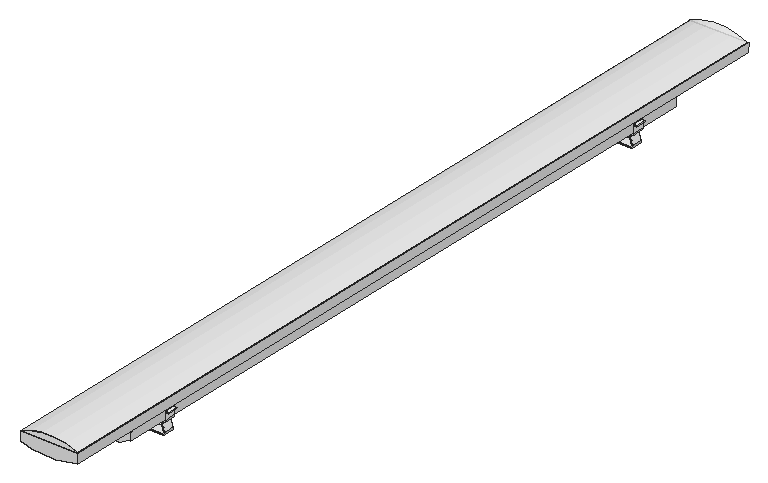
Revit family "Lighting-Industrial-GEWISS-SMART[3]-WATERTIGHT-LED_OPAL_1600mm", category Apparecchi per illuminazione, host Superficie, Revit 2019
Family settings
  Host = Superficie
  Quota connettore circolare = Usa diametro
  Tipo di parte = Normale
  Numero OmniClass = 23.80.70.11
  Titolo OmniClass = Luminaries for Internal Lighting
  Taglio con vuoti quando caricato = No
  Sorgente d'illuminazione = No
  Condiviso = No
  Punto di calcolo locali = Sì
Parameters (values of type "GWS3258PLD57K - SMART3 LED 1600 2X58 OPAL DALI 57K QW")
  Working temperature = "-25 +50 °C"
  Weight (kg): = "2,5"
  Warranty = "5 years"
  Voltage = "220/240 V - 50/60 Hz - Dali"
  Version file RFA = "20.11"
  URL = "https://www.gewiss.com/ww/en"
  Typology = "DALI"
  Type of light source = "LED - Not replaceable"
  Technical sheet = "https://www.gewiss.com/ww/en/search?q=GWS3258PLD57K"
  System power = "50W"
  Struttura = GEWISS - SMART 3 - GRIGIO
  Stampa 1_200 = no
  Stampa 1_100 = not(Stampa 1_200)  # yes
  Spostamento_Y_etichetta [instance] = 0 mm
  Spostamento_Y_effettivo_etichetta [instance] = 1500 mm - Spostamento_Y_etichetta  # 1500 mm
  Spostamento_X_etichetta [instance] = 0 mm
  Spostamento_X_effettivo_etichetta [instance] = 1500 mm - Spostamento_X_etichetta  # 1500 mm
  Shock resistance = "IK08"
  Shield type = "Opal with feed-through wiring"
  Schermo. = Gewiss - Led Acceso
  SEO = "Luminaire"
  Realized by GEWISS S.p.A. = ""
  Default Elevation = 1219.2 mm
  Produttore = "GEWISS S.p.A."
  Operating temperature: = "-30 +50 °C"
  Nominal flux (lm) = "6900"
  No. LED (#) = "84"
  Modello = "GWS3258PLD57K"
  Lunghezza Lampada = 1600 mm  # constant formula
  Lumen output (lm) = "6000"
  Length = "1600 mm"
  Lampada = "LED"
  Lamp = "LED"
  LED LifeTime (L80B20) = "85000H"
  LED Life time (L80B50) = "100000H"
  LED Life time (L70) = "80000H"
  LED Life Time (L90B50) = "50000H"
  Insulation class = "II"
  Immagine tipo = GWS3158P.jpg
  IP degree = "IP66/IP69"
  IFC.TypeObject = ""
  IFC.ExportType = ""
  IFC.ExportAs = ""
  IDT = "e711e676-0d2c-4269-98d7-1f22e4a173c5"
  IDF = "23f8a58f-ab76-4331-ac73-01a839cfd15e"
  Glow Wire Test = "850°C"
  Ganci = GEWISS  - ALLUMINIO
  Failure rate apparecchio (50.000h, Tq=25Â° C) = "<2,5%"
  Failure rate apparecchio (35.000h, Tq=35Â° C) = "<2,5%"
  Electrocod = "2434"
  Efficiency class of integrated LEDs = "A ÷ A++"
  EAN code = "8011564877207"
  Driver type = "Constant Current Driver Led"
  Device with reduced surface temperature = "Complying"
  Descrizione = "SMART3 1600 84LED OPALE DALI 57K LP"
  Commenti sul wattaggio = "55W"
  Colour temperature: = "5700 K (CRI 80)"
  Colour temperature = "5700 K (CRI 80)"
  Catalogue Range = "SMART [3]"
  Catalogue = "LIGHTING"
  Carico apparente = 55 VA
  COBie.Tagnumber = ""
  COBie.CreatedOn = ""
  COBie.CreatebBy = ""
  COBie.ComponentRegisterItemID = ""
  COBie.Component.TagNumber = ""
  COBie.Component.Space = ""
  COBie.Component.SerialNumber = ""
  COBie.Component.InstallationDate = ""
  COBie.Component.Description = ""
  COBie.Component.BarCode = ""
  Application = "Internal"
Types (17, lengths in mm): name | Voltage | Typology | Technical sheet | System power | Shield type | Nominal flux (lm) | No. LED (#) | Modello | Lumen output (lm) | IDT | EAN code | Descrizione | Commenti sul wattaggio | Colour temperature: | Colour temperature | Carico apparente
  (no name) | "220/240 V - 50/60 Hz - Dali" | "DALI" | "https://www.gewiss.com/ww/en/search?q=GWS3258PLD57K" | "50W" | "Opal with feed-through wiring" | "6900" | "84" | "GWS3258PLD57K" | "6000" | "e711e676-0d2c-4269-98d7-1f22e4a173c5" | "8011564877207" | "SMART3 1600 84LED OPALE DALI 57K LP" | "26W" | "5700 K (CRI 80)" | "5700 K (CRI 80)" | 26 VA
  GWS3158P - SMART3 LED 1600 1X58 OPAL | "220/240 V - 50/60 Hz - Stand alone" | "Stand alone" | "https://www.gewiss.com/ww/en/search?q=GWS3158P" | "26W" | "Opal" | "3700" | "72" | "GWS3158P" | "3000" | "2a3c1420-3956-4a0a-b9c0-2c49ddd64183" | "8011564857544" | "SMART3 1600 72LED OPALE" | "26W" | "4000 K (CRI 80)" | "4000 K (CRI 80)" | 26 VA
  GWS3258P - SMART3 LED 1600 2X58 OPAL | "220/240 V - 50/60 Hz - Stand alone" | "Stand alone" | "https://www.gewiss.com/ww/en/search?q=GWS3258P" | "50W" | "Opal" | "6900" | "84" | "GWS3258P" | "6000" | "98c1e635-8887-4b23-8ef8-854247924388" | "8011564857575" | "SMART3 1600 84LED OPALE" | "53W" | "4000 K (CRI 80)" | "4000 K (CRI 80)" | 53 VA
  GWS3258P30K - SMART3 LED 1600 2X58 OPALE 30K | "220/240 V - 50/60 Hz - Stand alone" | "Stand alone" | "https://www.gewiss.com/ww/en/search?q=GWS3258P30K" | "50W" | "Opal" | "6900" | "84" | "GWS3258P30K" | "6000" | "9a49d1c2-e174-4980-9279-15e1a4798c46" | "8011564871915" | "SMART3 1600 84LED OPALE 30K" | "53W" | "3000 K (CRI 80)" | "3000 K (CRI 80)" | 53 VA
  GWS3258P57K - SMART3 LED 1600 2X58 OPAL 57K | "220/240 V - 50/60 Hz - Stand alone" | "Stand alone" | "https://www.gewiss.com/ww/en/search?q=GWS3258P57K" | "50W" | "Opal" | "6900" | "84" | "GWS3258P57K" | "6000" | "8a3e6baf-7a3f-473d-88b7-7776e01de7c6" | "8011564872424" | "SMART3 1600 84LED OPALE 57K" | "53W" | "5700 K (CRI 80)" | "5700 K (CRI 80)" | 53 VA
  GWS3158PD - SMART3 LED 1600 1X58 OPAL DALI | "220/240 V - 50/60 Hz - Dali" | "DALI" | "https://www.gewiss.com/ww/en/search?q=GWS3158PD" | "26W" | "Opal" | "3700" | "72" | "GWS3158PD" | "3000" | "93382cc5-8969-4161-8217-0f040a004009" | "8011564869202" | "SMART3 1600 72LED OPALE DALI" | "27W" | "4000 K (CRI 80)" | "4000 K (CRI 80)" | 27 VA
  GWS3258PD - SMART3 LED 1600 2X58 OPAL DALI | "220/240 V - 50/60 Hz - Dali" | "DALI" | "https://www.gewiss.com/ww/en/search?q=GWS3258PD" | "50W" | "Opal" | "6900" | "84" | "GWS3258PD" | "6000" | "ab7d8986-d622-4e33-829d-5851e29de983" | "8011564869233" | "SMART3 1600 84LED OPALE DALI" | "55W" | "4000 K (CRI 80)" | "4000 K (CRI 80)" | 55 VA
  GWS3258PD30K - SMART3 LED 1600 2X58 OPALE DALI 30K | "220/240 V - 50/60 Hz - Dali" | "DALI" | "https://www.gewiss.com/ww/en/search?q=GWS3258PD30K" | "50W" | "Opal" | "6900" | "84" | "GWS3258PD30K" | "6000" | "f3fc2d64-744f-476c-925a-d24aae4b9ebf" | "8011564877177" | "SMART3 1600 84LED OPALE DALI 30K" | "55W" | "3000 K (CRI 80)" | "3000 K (CRI 80)" | 55 VA
  GWS3258PD57K - SMART3 LED 1600 2X58 OPALE DALI 57K | "220/240 V - 50/60 Hz - Dali" | "DALI" | "https://www.gewiss.com/ww/en/search?q=GWS3258PD57K" | "50W" | "Opal" | "6900" | "84" | "GWS3258PD57K" | "6000" | "597e17a9-7893-45ae-af28-b8dd4a9f1581" | "8011564877184" | "SMART3 1600 84LED OPALE DALI 57K" | "55W" | "5700 K (CRI 80)" | "5700 K (CRI 80)" | 55 VA
  GWS3158PL - SMART3 LED 1600 1X58 OPAL QW | "220/240 V - 50/60 Hz - Stand alone" | "Stand alone" | "https://www.gewiss.com/ww/en/search?q=GWS3158PL" | "26W" | "Opal with feed-through wiring" | "3700" | "72" | "GWS3158PL" | "3000" | "a208ccbe-ca89-4585-a6b4-0eee40c77235" | "8011564857599" | "SMART3 1600 72LED OPALE LP" | "26W" | "4000 K (CRI 80)" | "4000 K (CRI 80)" | 26 VA
  GWS3158PLD - SMART3 LED 1600 1X58 OPAL DALI QW | "220/240 V - 50/60 Hz - Dali" | "DALI" | "https://www.gewiss.com/ww/en/search?q=GWS3158PLD" | "26W" | "Opal with feed-through wiring" | "3700" | "72" | "GWS3158PLD" | "3400" | "912ee7e2-bd2f-476b-b10d-046777f10ead" | "8011564872011" | "SMART3 1600 72LED OPALE DALI LP" | "27W" | "4000 K (CRI 80)" | "4000 K (CRI 80)" | 27 VA
  GWS3258PL - SMART3 LED 1600 2X58 OPAL QW | "220/240 V - 50/60 Hz - Stand alone" | "Stand alone" | "https://www.gewiss.com/ww/en/search?q=GWS3258PL" | "50W" | "Opal with feed-through wiring" | "6900" | "84" | "GWS3258PL" | "6000" | "db9cd50b-6137-4b1e-a099-5b6db307137d" | "8011564857612" | "SMART3 1600 84LED OPALE LP" | "53W" | "4000 K (CRI 80)" | "4000 K (CRI 80)" | 53 VA
  GWS3258PL30K - SMART3 LED 1600 2X58 OPALE 30K LP | "220/240 V - 50/60 Hz - Stand alone" | "Stand alone" | "https://www.gewiss.com/ww/en/search?q=GWS3258PL30K" | "50W" | "Opal with feed-through wiring" | "6900" | "84" | "GWS3258PL30K" | "6000" | "26e38d10-03b1-44ce-a7ab-928e91ac9c2d" | "8011564871953" | "SMART3 1600 84LED OPALE 30K LP" | "53W" | "3000 K (CRI 80)" | "3000 K (CRI 80)" | 53 VA
  GWS3258PL57K - SMART3 LED 1600 2X58 OPAL 57K QW | "220/240 V - 50/60 Hz - Stand alone" | "Stand alone" | "https://www.gewiss.com/ww/en/search?q=GWS3258PL57K" | "50W" | "Opal with feed-through wiring" | "6900" | "84" | "GWS3258PL57K" | "6000" | "635432f5-807c-47f6-ad51-128d0dd589ce" | "8011564872462" | "SMART3 1600 84LED OPALE 57K LP" | "53W" | "5700 K (CRI 80)" | "5700 K (CRI 80)" | 53 VA
  GWS3258PLD - SMART3 LED 1600 2X58 OPAL DALI QW | "220/240 V - 50/60 Hz - Dali" | "DALI" | "https://www.gewiss.com/ww/en/search?q=GWS3258PLD" | "50W" | "Opal with feed-through wiring" | "6900" | "84" | "GWS3258PLD" | "6000" | "a63b9c54-d259-431d-b5b7-e758de81c5d0" | "8011564872028" | "SMART3 1600 84LED OPALE DALI LP" | "55W" | "4000 K (CRI 80)" | "4000 K (CRI 80)" | 55 VA
  GWS3258PLD30K - SMART3 LED 1600 2X58 OPALE DALI 30K LP | "220/240 V - 50/60 Hz - Dali" | "DALI" | "https://www.gewiss.com/ww/en/search?q=GWS3258PLD30K" | "50W" | "Opal with feed-through wiring" | "6900" | "84" | "GWS3258PLD30K" | "6000" | "f1b5f739-e51b-47eb-8202-59dede8eff97" | "8011564877191" | "SMART3 1600 84LED OPALE DALI 30K LP" | "55W" | "3000 K (CRI 80)" | "3000 K (CRI 80)" | 55 VA
  GWS3258PLD57K - SMART3 LED 1600 2X58 OPAL DALI 57K QW | "220/240 V - 50/60 Hz - Dali" | "DALI" | "https://www.gewiss.com/ww/en/search?q=GWS3258PLD57K" | "50W" | "Opal with feed-through wiring" | "6900" | "84" | "GWS3258PLD57K" | "6000" | "e711e676-0d2c-4269-98d7-1f22e4a173c5" | "8011564877207" | "SMART3 1600 84LED OPALE DALI 57K LP" | "55W" | "5700 K (CRI 80)" | "5700 K (CRI 80)" | 55 VA
Reference planes
  plane 1 "Centro (Fronte/Retro)": y = 0
  plane 2: z = 0
  plane 3 "Centro (Sinistra/Destra)": x = 0
  plane 4: x = -1500
  plane 5: y = -1500
  plane 6: x = 0
  plane 7: y = 0
Forms (mm)
  Extrusion 1, solid, material "GEWISS  - ALLUMINIO" <- "Ganci", detail levels medium+fine
    sketch origin (0, 0, 0) x (1, 0, 0) y (0, 0, 1)
      loop
        arc (31.431, -0.002) -> (34.576, 1.589) -> (35.156, 5.066) r 3.903
        line (35.156, 5.066) -> (29.612, 23.211)
        arc (29.612, 23.211) -> (29.883, 24.381) -> (31.032, 24.73) r 1.2
        line (31.032, 24.73) -> (34.307, 23.974)
        arc (34.307, 23.974) -> (36.765, 24.53) -> (37.859, 26.8) r 2.9
        line (37.859, 26.8) -> (37.859, 38.8)
        arc (37.859, 38.8) -> (37.648, 39.694) -> (37.059, 40.4) r 2
        line (37.059, 40.4) -> (37.059, 42.71) -> (42.861, 40.598) -> (43.203, 41.538) -> (37.53, 43.603)
        arc (37.53, 43.603) -> (37.019, 43.613) -> (36.605, 43.311) r 0.8
        line (36.605, 43.311) -> (36.306, 26.139)
        arc (36.306, 26.139) -> (35.6, 25.444) -> (34.616, 25.34) r 1.5
        line (34.616, 25.34) -> (31.344, 26.095)
        arc (31.344, 26.095) -> (28.858, 25.335) -> (28.273, 22.802) r 2.6
        line (28.273, 22.802) -> (33.827, 4.636)
        arc (33.827, 4.636) -> (33.449, 2.415) -> (31.438, 1.4) r 2.5
        line (31.438, 1.4) -> (-31.437, 1.4)
        arc (-31.437, 1.4) -> (-33.449, 2.415) -> (-33.827, 4.636) r 2.5
        line (-33.827, 4.636) -> (-28.273, 22.802)
        arc (-28.273, 22.802) -> (-28.858, 25.335) -> (-31.344, 26.095) r 2.6
        line (-31.344, 26.095) -> (-34.616, 25.34)
        arc (-34.616, 25.34) -> (-35.6, 25.444) -> (-36.306, 26.139) r 1.5
        line (-36.306, 26.139) -> (-36.605, 43.311)
        arc (-36.605, 43.311) -> (-37.019, 43.613) -> (-37.53, 43.603) r 0.8
        line (-37.53, 43.603) -> (-43.203, 41.538) -> (-42.861, 40.598) -> (-37.059, 42.71) -> (-37.059, 40.4)
        arc (-37.059, 40.4) -> (-37.648, 39.694) -> (-37.859, 38.8) r 2
        line (-37.859, 38.8) -> (-37.859, 26.8)
        arc (-37.859, 26.8) -> (-36.765, 24.53) -> (-34.307, 23.974) r 2.9
        line (-34.307, 23.974) -> (-31.032, 24.73)
        arc (-31.032, 24.73) -> (-29.883, 24.381) -> (-29.612, 23.211) r 1.2
        line (-29.612, 23.211) -> (-35.156, 5.066)
        arc (-35.156, 5.066) -> (-34.576, 1.589) -> (-31.431, -0.002) r 3.903
        line (-31.431, -0.002) -> (31.431, -0.002)
    from 548.766 to 568.766
  Extrusion 2, solid, material "GEWISS  - ALLUMINIO" <- "Ganci", detail levels medium+fine
    sketch origin (0, 0, 0) x (1, 0, 0) y (0, 0, -1)
      loop
        line (31.431, 0.002) -> (-31.431, 0.002)
        arc (-31.431, 0.002) -> (-34.576, -1.589) -> (-35.156, -5.066) r 3.903
        line (-35.156, -5.066) -> (-29.612, -23.211)
        arc (-29.612, -23.211) -> (-29.883, -24.381) -> (-31.032, -24.73) r 1.2
        line (-31.032, -24.73) -> (-34.307, -23.974)
        arc (-34.307, -23.974) -> (-36.765, -24.53) -> (-37.859, -26.8) r 2.9
        line (-37.859, -26.8) -> (-37.859, -38.8)
        arc (-37.859, -38.8) -> (-37.648, -39.694) -> (-37.059, -40.4) r 2
        line (-37.059, -40.4) -> (-37.059, -42.71) -> (-42.861, -40.598) -> (-43.203, -41.538) -> (-37.53, -43.603)
        arc (-37.53, -43.603) -> (-37.019, -43.613) -> (-36.605, -43.311) r 0.8
        line (-36.605, -43.311) -> (-36.306, -26.139)
        arc (-36.306, -26.139) -> (-35.6, -25.444) -> (-34.616, -25.34) r 1.5
        line (-34.616, -25.34) -> (-31.344, -26.095)
        arc (-31.344, -26.095) -> (-28.858, -25.335) -> (-28.273, -22.802) r 2.6
        line (-28.273, -22.802) -> (-33.827, -4.636)
        arc (-33.827, -4.636) -> (-33.449, -2.415) -> (-31.437, -1.4) r 2.5
        line (-31.437, -1.4) -> (31.438, -1.4)
        arc (31.438, -1.4) -> (33.449, -2.415) -> (33.827, -4.636) r 2.5
        line (33.827, -4.636) -> (28.273, -22.802)
        arc (28.273, -22.802) -> (28.858, -25.335) -> (31.344, -26.095) r 2.6
        line (31.344, -26.095) -> (34.616, -25.34)
        arc (34.616, -25.34) -> (35.6, -25.444) -> (36.306, -26.139) r 1.5
        line (36.306, -26.139) -> (36.605, -43.311)
        arc (36.605, -43.311) -> (37.019, -43.613) -> (37.53, -43.603) r 0.8
        line (37.53, -43.603) -> (43.203, -41.538) -> (42.861, -40.598) -> (37.059, -42.71) -> (37.059, -40.4)
        arc (37.059, -40.4) -> (37.648, -39.694) -> (37.859, -38.8) r 2
        line (37.859, -38.8) -> (37.859, -26.8)
        arc (37.859, -26.8) -> (36.765, -24.53) -> (34.307, -23.974) r 2.9
        line (34.307, -23.974) -> (31.032, -24.73)
        arc (31.032, -24.73) -> (29.883, -24.381) -> (29.612, -23.211) r 1.2
        line (29.612, -23.211) -> (35.156, -5.066)
        arc (35.156, -5.066) -> (34.576, -1.589) -> (31.431, 0.002) r 3.903
    from 548.766 to 568.766
  Extrusion 3, solid, material "GEWISS - SMART 3 - GRIGIO" <- "Struttura", detail levels medium+fine
    sketch origin (0, 0, 0) x (1, 0, 0) y (0, 0, 1)
      loop
        line (-36.331, 55.757) -> (-35.847, 28.018)
        arc (-35.847, 28.018) -> (-33.139, 27.27) -> (-30.416, 26.58) r 129.5
        arc (-30.416, 26.58) -> (-28.066, 25.76) -> (-25.915, 24.506) r 13
        arc (-25.915, 24.506) -> (-24.23, 23.324) -> (-22.521, 22.178) r 99.5
        arc (-22.521, 22.178) -> (-16.401, 19.063) -> (-9.748, 17.365) r 31.146
        line (-9.748, 17.365) -> (12.491, 17.365)
        arc (12.491, 17.365) -> (17.822, 19.098) -> (22.764, 21.745) r 31.646
        arc (22.764, 21.745) -> (24.509, 22.915) -> (26.228, 24.122) r 100
        arc (26.228, 24.122) -> (28.283, 25.313) -> (30.525, 26.095) r 12.5
        arc (30.525, 26.095) -> (33.437, 26.834) -> (36.332, 27.64) r 130
        line (36.332, 27.64) -> (36.824, 55.851)
        arc (36.824, 55.851) -> (24.914, 53.937) -> (12.909, 52.764) r 195.047
        line (12.909, 52.764) -> (-12.909, 52.764)
        arc (-12.909, 52.764) -> (-24.665, 53.905) -> (-36.331, 55.757) r 195.047
    from -650 to 650
  Extrusion 4, solid, material "GEWISS - SMART 3 - GRIGIO" <- "Struttura", detail levels medium+fine
    sketch origin (0, 0, 0) x (1, 0, 0) y (0, 0, 1)
      loop
        line (54.725, 60.184) -> (55.177, 77.445) -> (-55.177, 77.445) -> (-54.725, 60.184)
        arc (-54.725, 60.184) -> (-34.019, 55.332) -> (-12.909, 52.764) r 195.047
        line (-12.909, 52.764) -> (12.909, 52.764)
        arc (12.909, 52.764) -> (34.019, 55.332) -> (54.725, 60.184) r 195.047
    from -800 to 800
  Extrusion 5, solid, material "Gewiss - Led Acceso" <- "Schermo.", detail levels medium+fine
    sketch origin (0, 0, 0) x (1, 0, 0) y (0, 0, 1)
      loop
        arc (54.697, 78.441) -> (-0.014, 90.457) -> (-54.723, 78.429) r 130.5
        arc (-54.723, 78.429) -> (-54.988, 77.838) -> (-54.5, 77.445) r 0.5
        line (-54.5, 77.445) -> (54.479, 77.445)
        arc (54.479, 77.445) -> (54.988, 77.855) -> (54.697, 78.441) r 0.522
    from -800 to 800
  Extrusion 6, solid, material "GEWISS - SMART 3 - GRIGIO" <- "Struttura", detail levels coarse
    sketch origin (0, 0, 0) x (1, 0, 0) y (0, 0, 1)
      loop
        line (-54.5, 90.439) -> (-54.5, 0) -> (54.5, 0) -> (54.5, 90.439) -> (-54.5, 90.439)
    from -800 to 800
Lines and regions (mm)
  Masking region 1
    outline origin (0, 0, 0) x (1, 0, 0) y (0, 1, 0)
      loop
        line (-55.177, 800) -> (-55.177, -800) -> (55.177, -800) -> (55.177, 800) -> (-55.177, 800)
  symbolic lines, style "GEWISS - LIGHT 2D"
    curve 1: line (0, 528.766, 0) -> (0, -511.234, 0)
Dimensions and locks
  plane 4 to plane 3 "Centro (Sinistra/Destra)" = 1500 mm
  "Spostamento_X_effettivo_etichetta": plane 4 to plane 6
  "Spostamento_Y_effettivo_etichetta": plane 7 to plane 5
  plane 1 "Centro (Fronte/Retro)" to plane 5 = 1500 mm
  aligned and locked: plane 2 to host face
  aligned and locked: level to host face
  aligned and locked: Masking region 1 sketch curve to Extrusion 4  (x4)
  aligned and locked: plane 6 to nested 1
  aligned and locked: nested 1 to plane 7
  aligned and locked: curve 1 to plane 3 "Centro (Sinistra/Destra)"
Automatic sketch dimensions
  host sketch curve to host sketch curve = 2438.4 mm  (x2)
  Extrusion 1 sketch curve to Extrusion 1 sketch curve = 0 mm  (x28)
  Extrusion 1 sketch curve to plane 3 "Centro (Sinistra/Destra)" = 43.203 mm
  level to Extrusion 1 sketch curve = 40.598 mm
  Extrusion 1 sketch curve to Extrusion 1 sketch curve = 0.342 mm  (x2)
  Extrusion 1 sketch curve to Extrusion 1 sketch curve = 5.002 mm  (x2)
  Extrusion 1 sketch curve to Extrusion 1 sketch curve = 0.329 mm
  Extrusion 1 sketch curve to Extrusion 1 sketch curve = 0.271 mm  (x2)
  Extrusion 1 sketch curve to Extrusion 1 sketch curve = 0.8 mm  (x2)
  Extrusion 1 sketch curve to Extrusion 1 sketch curve = 0.454 mm  (x2)
  Extrusion 1 sketch curve to Extrusion 1 sketch curve = 1.554 mm
  Extrusion 1 sketch curve to Extrusion 1 sketch curve = 2 mm
  level to Extrusion 1 sketch curve = 5.066 mm  (x2)
  Extrusion 1 sketch curve to Extrusion 1 sketch curve = 1.15 mm
  Extrusion 1 sketch curve to Extrusion 1 sketch curve = 1.346 mm  (x2)
  Extrusion 1 sketch curve to Extrusion 1 sketch curve = 0.343 mm  (x2)
  level to Extrusion 1 sketch curve = 4.636 mm  (x2)
  Extrusion 1 sketch curve to Extrusion 1 sketch curve = 1.329 mm  (x2)
  level to Extrusion 1 sketch curve = 1.4 mm
  Extrusion 1 sketch curve to Extrusion 1 sketch curve = 2.389 mm  (x2)
  Extrusion 1 sketch curve to Extrusion 1 sketch curve = 0.007 mm  (x2)
  Extrusion 1 sketch curve to Extrusion 1 sketch curve = 3.584 mm  (x2)
  Extrusion 1 sketch curve to Extrusion 1 sketch curve = 0.273 mm  (x2)
  plane 3 "Centro (Sinistra/Destra)" to Extrusion 1 sketch curve = 30.759 mm
  Extrusion 1 sketch curve to level = 0.002 mm
  Extrusion 1 sketch curve to Extrusion 1 sketch curve = 0.672 mm
  Extrusion 1 sketch curve to Extrusion 1 sketch curve = 0.9 mm
  level to Extrusion 1 sketch curve = 26.139 mm
  Extrusion 1 sketch curve to Extrusion 1 sketch curve = 0.746 mm
  Extrusion 1 sketch curve to Extrusion 1 sketch curve = 0.2 mm
  Extrusion 1 sketch curve to Extrusion 1 sketch curve = 2.577 mm
  Extrusion 1 sketch curve to Extrusion 1 sketch curve = 18.496 mm
  Extrusion 1 sketch curve to Extrusion 1 sketch curve = 1.169 mm  (x2)
  Extrusion 1 sketch curve to Extrusion 1 sketch curve = 0.799 mm  (x2)
  Extrusion 1 sketch curve to Extrusion 1 sketch curve = 0.609 mm
  Extrusion 1 sketch curve to Extrusion 1 sketch curve = 1.798 mm  (x2)
  Extrusion 1 sketch curve to Extrusion 1 sketch curve = 12 mm
  Extrusion 1 sketch curve to Extrusion 1 sketch curve = 0.94 mm  (x2)
  Extrusion 1 sketch curve to Extrusion 1 sketch curve = 0.14 mm  (x2)
  Extrusion 1 sketch curve to Extrusion 1 sketch curve = 0.309 mm  (x2)
  Extrusion 1 sketch curve to Extrusion 1 sketch curve = 0.312 mm  (x2)
  Extrusion 1 sketch curve to Extrusion 1 sketch curve = 1.148 mm  (x2)
  Extrusion 1 sketch curve to Extrusion 1 sketch curve = 1.339 mm
  Extrusion 1 sketch curve to Extrusion 1 sketch curve = 2.486 mm
  Extrusion 1 sketch curve to Extrusion 1 sketch curve = 0.409 mm  (x2)
  Extrusion 2 sketch curve to Extrusion 2 sketch curve = 0 mm  (x28)
  Extrusion 2 sketch curve to plane 3 "Centro (Sinistra/Destra)" = 43.203 mm
  level to Extrusion 2 sketch curve = 40.598 mm
  Extrusion 2 sketch curve to Extrusion 2 sketch curve = 0.342 mm  (x2)
  Extrusion 2 sketch curve to Extrusion 2 sketch curve = 5.002 mm  (x2)
  Extrusion 2 sketch curve to Extrusion 2 sketch curve = 0.329 mm
  Extrusion 2 sketch curve to Extrusion 2 sketch curve = 0.271 mm  (x2)
  Extrusion 2 sketch curve to Extrusion 2 sketch curve = 0.8 mm  (x2)
  Extrusion 2 sketch curve to Extrusion 2 sketch curve = 0.454 mm  (x2)
  Extrusion 2 sketch curve to Extrusion 2 sketch curve = 1.554 mm
  Extrusion 2 sketch curve to Extrusion 2 sketch curve = 2 mm
  level to Extrusion 2 sketch curve = 5.066 mm  (x2)
  Extrusion 2 sketch curve to Extrusion 2 sketch curve = 1.15 mm
  Extrusion 2 sketch curve to Extrusion 2 sketch curve = 1.346 mm  (x2)
  Extrusion 2 sketch curve to Extrusion 2 sketch curve = 0.343 mm  (x2)
  level to Extrusion 2 sketch curve = 4.636 mm  (x2)
  Extrusion 2 sketch curve to Extrusion 2 sketch curve = 1.329 mm  (x2)
  level to Extrusion 2 sketch curve = 1.4 mm
  Extrusion 2 sketch curve to Extrusion 2 sketch curve = 2.389 mm  (x2)
  Extrusion 2 sketch curve to Extrusion 2 sketch curve = 0.007 mm  (x2)
  Extrusion 2 sketch curve to Extrusion 2 sketch curve = 3.584 mm  (x2)
  Extrusion 2 sketch curve to Extrusion 2 sketch curve = 0.273 mm  (x2)
  plane 3 "Centro (Sinistra/Destra)" to Extrusion 2 sketch curve = 30.759 mm
  Extrusion 2 sketch curve to level = 0.002 mm
  Extrusion 2 sketch curve to Extrusion 2 sketch curve = 0.672 mm
  Extrusion 2 sketch curve to Extrusion 2 sketch curve = 0.9 mm
  level to Extrusion 2 sketch curve = 26.139 mm
  Extrusion 2 sketch curve to Extrusion 2 sketch curve = 0.746 mm
  Extrusion 2 sketch curve to Extrusion 2 sketch curve = 0.2 mm
  Extrusion 2 sketch curve to Extrusion 2 sketch curve = 14.46 mm
  Extrusion 2 sketch curve to Extrusion 2 sketch curve = 0.94 mm  (x2)
  Extrusion 2 sketch curve to Extrusion 2 sketch curve = 0.14 mm  (x2)
  Extrusion 2 sketch curve to Extrusion 2 sketch curve = 2.31 mm  (x2)
  Extrusion 2 sketch curve to Extrusion 2 sketch curve = 12 mm
  Extrusion 2 sketch curve to Extrusion 2 sketch curve = 0.661 mm  (x2)
  Extrusion 2 sketch curve to Extrusion 2 sketch curve = 0.609 mm  (x2)
  Extrusion 2 sketch curve to Extrusion 2 sketch curve = 1.169 mm  (x2)
  Extrusion 2 sketch curve to Extrusion 2 sketch curve = 0.309 mm  (x2)
  Extrusion 2 sketch curve to Extrusion 2 sketch curve = 0.312 mm  (x2)
  Extrusion 2 sketch curve to Extrusion 2 sketch curve = 1.148 mm  (x2)
  Extrusion 2 sketch curve to Extrusion 2 sketch curve = 1.339 mm
  Extrusion 2 sketch curve to Extrusion 2 sketch curve = 2.486 mm
  Extrusion 2 sketch curve to Extrusion 2 sketch curve = 1.365 mm  (x2)
  Extrusion 3 sketch curve to plane 3 "Centro (Sinistra/Destra)" = 36.331 mm
  Extrusion 3 sketch curve to Extrusion 3 sketch curve = 0.484 mm
  Extrusion 3 sketch curve to Extrusion 3 sketch curve = 2.34 mm
  Extrusion 3 sketch curve to plane 3 "Centro (Sinistra/Destra)" = 32.068 mm
  Extrusion 3 sketch curve to plane 3 "Centro (Sinistra/Destra)" = 12.909 mm
  Extrusion 3 sketch curve to plane 3 "Centro (Sinistra/Destra)" = 9.748 mm
  Extrusion 3 sketch curve to plane 3 "Centro (Sinistra/Destra)" = 5.421 mm
  Extrusion 3 sketch curve to plane 3 "Centro (Sinistra/Destra)" = 0.057 mm
  Extrusion 3 sketch curve to plane 3 "Centro (Sinistra/Destra)" = 0.007 mm
  Extrusion 3 sketch curve to plane 3 "Centro (Sinistra/Destra)" = 0.001 mm
  plane 3 "Centro (Sinistra/Destra)" to Extrusion 3 sketch curve = 0.057 mm
  plane 3 "Centro (Sinistra/Destra)" to Extrusion 3 sketch curve = 5.412 mm
  plane 3 "Centro (Sinistra/Destra)" to Extrusion 3 sketch curve = 12.491 mm
  Extrusion 3 sketch curve to Extrusion 3 sketch curve = 7.496 mm
  plane 3 "Centro (Sinistra/Destra)" to Extrusion 3 sketch curve = 32.059 mm
  Extrusion 3 sketch curve to Extrusion 3 sketch curve = 21.008 mm
  Extrusion 3 sketch curve to Extrusion 3 sketch curve = 2.833 mm
  Extrusion 3 sketch curve to Extrusion 3 sketch curve = 23.916 mm
  level to Extrusion 3 sketch curve = 13.953 mm  (x2)
  level to Extrusion 3 sketch curve = 17.365 mm  (x2)
  Extrusion 3 sketch curve to Extrusion 3 sketch curve = 13.687 mm
  Extrusion 3 sketch curve to Extrusion 3 sketch curve = 14.064 mm
  Extrusion 3 sketch curve to Extrusion 3 sketch curve = 30.844 mm
  Extrusion 3 sketch curve to Extrusion 3 sketch curve = 0 mm  (x3)
  Extrusion 3 sketch curve to Extrusion 3 sketch curve = 4.555 mm
  Extrusion 3 sketch curve to Extrusion 3 sketch curve = 2.993 mm
  Extrusion 3 sketch curve to Extrusion 3 sketch curve = 3.087 mm
  Extrusion 3 sketch curve to Extrusion 3 sketch curve = 49.52 mm
  Extrusion 3 sketch curve to Extrusion 3 sketch curve = 49.615 mm
  Extrusion 3 sketch curve to Extrusion 3 sketch curve = 47.089 mm
  Extrusion 3 sketch curve to Extrusion 3 sketch curve = 5.431 mm
  Extrusion 3 sketch curve to Extrusion 3 sketch curve = 4.5 mm
  Extrusion 3 sketch curve to Extrusion 3 sketch curve = 10.273 mm
  Extrusion 3 sketch curve to Extrusion 3 sketch curve = 3.465 mm
  Extrusion 3 sketch curve to Extrusion 3 sketch curve = 4.297 mm
  Extrusion 4 sketch curve to plane 3 "Centro (Sinistra/Destra)" = 55.177 mm
  Extrusion 4 sketch curve to Extrusion 4 sketch curve = 0.452 mm  (x2)
  Extrusion 4 sketch curve to plane 3 "Centro (Sinistra/Destra)" = 12.909 mm
  Extrusion 4 sketch curve to plane 3 "Centro (Sinistra/Destra)" = 0.057 mm
  plane 3 "Centro (Sinistra/Destra)" to Extrusion 4 sketch curve = 0.057 mm
  plane 3 "Centro (Sinistra/Destra)" to Extrusion 4 sketch curve = 12.909 mm
  Extrusion 4 sketch curve to Extrusion 4 sketch curve = 41.816 mm
  level to Extrusion 4 sketch curve = 52.764 mm
  Extrusion 4 sketch curve to Extrusion 4 sketch curve = 7.42 mm  (x2)
  Extrusion 4 sketch curve to Extrusion 4 sketch curve = 17.262 mm
  Extrusion 5 sketch curve to plane 3 "Centro (Sinistra/Destra)" = 0 mm
  Extrusion 5 sketch curve to plane 3 "Centro (Sinistra/Destra)" = 54.5 mm
  plane 3 "Centro (Sinistra/Destra)" to Extrusion 5 sketch curve = 54.479 mm
  Extrusion 5 sketch curve to level = 40.043 mm
  level to Extrusion 5 sketch curve = 77.445 mm
  Extrusion 5 sketch curve to Extrusion 5 sketch curve = 0.5 mm
  Extrusion 5 sketch curve to Extrusion 5 sketch curve = 0.522 mm
  Extrusion 5 sketch curve to Extrusion 5 sketch curve = 0.21 mm
  Extrusion 5 sketch curve to Extrusion 5 sketch curve = 0.014 mm
  Extrusion 5 sketch curve to Extrusion 5 sketch curve = 0 mm
  Extrusion 6 sketch curve to level = 0 mm
  Extrusion 6 sketch curve to plane 3 "Centro (Sinistra/Destra)" = 54.5 mm
  plane 3 "Centro (Sinistra/Destra)" to Extrusion 6 sketch curve = 54.5 mm
  Extrusion 6 sketch curve to Extrusion 6 sketch curve = 90.439 mm
  plane 1 "Centro (Fronte/Retro)" to curve 1 = 511.234 mm
  curve 1 to plane 1 "Centro (Fronte/Retro)" = 528.766 mm
Nested families
  nested 1: "ETICHETTA WATTAGGIO" at (0, 0, 0), type "ETICHETTA WATTAGGIO"
Connectors
  electrical at (0, 0, 0), driven by "Carico apparente"
    settings: on Masking region 1, index 1, voltage 230 V, apparent load 0 VA, apparent load phase1 55 VA, apparent load phase2 0 VA, apparent load phase3 0 VA, power factor 1, load classification "Illuminazione", number of poles 2, system type 31, power factor state 1, is connector primary yes, connector utility no, sub classification motor no, connector description ""
Definition of nested family "ETICHETTA WATTAGGIO"
  Parameters (values of type "ETICHETTA WATTAGGIO")
    GW - Potenza di sistema = ""
    GW - Numero LED = ""
    COMMENTI = "13W"
    1_200 = no
    1_100 = yes
  Reference planes
    plane 1: y = 0
    plane 2: x = 0
  Text (mm)
    label "GW - Potenza di sistema\nGW - Numero LED LED" at (-0.057, -0.214, 0), shows "GW - Potenza di sistema", "GW - Numero LED", visible <- "1_100"
    label "GW - Potenza di sistema\nGW - Numero LED LED " at (-0.057, -0.214, 0), shows "GW - Potenza di sistema", "GW - Numero LED", visible <- "1_200"
